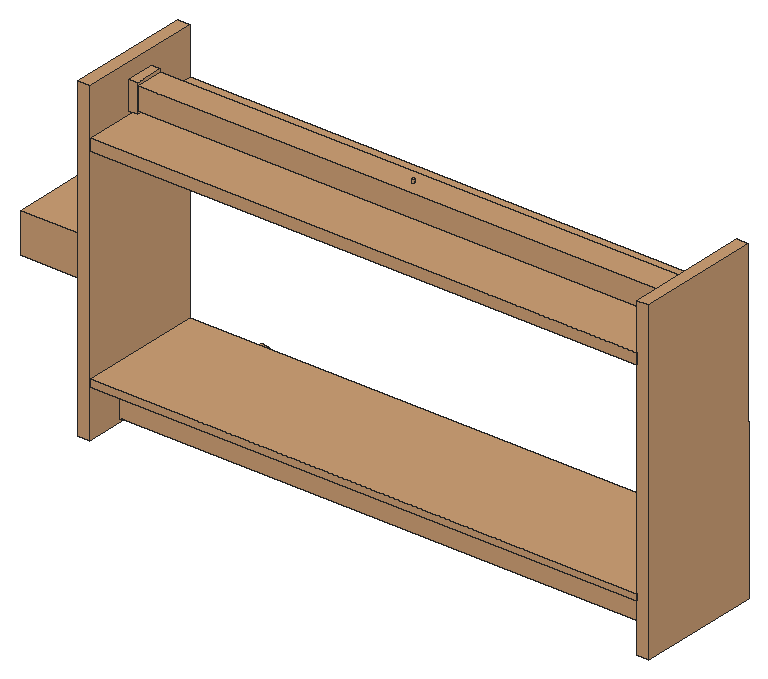
Revit family
Parameters
  Center of Unit = 0' - 0"  # constant formula
  Total Heating Capacity [instance] = 0.0 Btu/h
  Series = "VIFB"
  Outlet Area = 24.10 SF
  Lower Frame Thickness = if(Headers Height = 0' 3", 0' 1 1/4", if(Headers Height = 0' 3 1/4", 0' 1 1/4", 0' 0"))  # 0' - 1 1/4"
  Water Pressure Drop [instance] = 0.00 psi
  Water Flow [instance] = 0 GPM
  Unit Weight (lbs) = 995
  URL = "http://www.ljwing.com/"
  Water Outlet Radius = 0' - 1 1/2"
  Headers Height = if(M = 0' 1", 0' 3", if(M = 0' 1 1/2", 0' 3 1/4", 0' 0"))  # 0' - 3 1/4"
  Number of Rows = 2  # constant formula
  Number of Coils [instance] = 0
  Nominal Length = 8' - 4 1/2"
  N = 1' - 0 3/4"
  Model = "VB-9W"
  Manufacturer = "LJ Wing"
  M = 0' - 1 1/2"
  Leaving Water Temperature [instance] = 0 °F
  Leaving Air Temperature [instance] = 0 °F
  Entering Water Temperature [instance] = 0 °F
  Entering Air Temperature [instance] = 0 °F
  Description = "Vertical Integral Face & Bypass Water Heating Coils"
  Hot Water Inlet  Radius = 0' - 1 1/2"
  Coil Face Area = Outlet Area * 0.56  # 13.496 SF
  Casing Material = ""
  Assembly Code = "D3020300"
  Air Vent Radius = 0' - 0 1/4"
  Air Pressure Drop [instance] = 0.00 in-wg
  Air Inlet Width = Nominal Length - 0' 4"  # 8' - 0 1/2"
  Air Inlet Height = Y  # 3' - 0"
  Air Flow [instance] = 0 CFM
  Y = 3' - 0"
  S = 0' - 9 3/4"  # constant formula
  Product URL = "http://www.ljwing.com/html/vifb.asp"
  OmniClass = "23-75 70 21 14"
  Nominal Height = 4' - 8"
  Nominal Depth = 1' - 10"
  R = 0' - 10 1/4"  # constant formula
  Q = 0' - 5 1/4"
Reference planes (in)
  plane 1 "Center (Front/Back)": y = 0
  plane 2: z = -18
  plane 3 "Center (Left/Right)": x = 0
  plane 4: z = 28.25
  plane 5: x = -50.25
  plane 6: x = 50.25
  plane 7: z = -27.75
  plane 8: z = 0
  plane 9: y = -11
  plane 10: y = 11
  plane 11: z = 18
  plane 12: z = 20
  plane 13: z = -19.25
  plane 14: x = 48.25
  plane 15: x = -48.25
  plane 16: x = -45
  plane 17: x = 45
  plane 18: y = 14.0625
  plane 19: x = -61.25
  plane 20: z = 25.125
  plane 21: z = 21.125
  plane 22: y = -2.5
  plane 23: y = 2.5
  plane 24: y = -4.5
  plane 25: z = -25.375
  plane 26: x = -37.5
  plane 27: x = 37.5
  plane 28: z = -21.375
Forms (in)
  Extrusion 1, solid, material "Painted Finish"
    sketch origin (0, 6, -9.75) x (1, 0, 0) y (0, 0, 1)
      loop
        line (-50.25, -18) -> (-48.25, -18) -> (-48.25, 38) -> (-50.25, 38) -> (-50.25, -18)
      loop
        line (50.25, -18) -> (50.25, 38) -> (48.25, 38) -> (48.25, -18) -> (50.25, -18)
    from -5 to 17
  Extrusion 2, solid, material "Painted Finish"
    sketch origin (0, 6, 0) x (1, 0, 0) y (0, 0, 1)
      loop
        line (48.25, -18) -> (-48.25, -18) -> (-48.25, -19.25) -> (48.25, -19.25) -> (48.25, -18)
      loop
        line (48.25, 18) -> (48.25, 20) -> (-48.25, 20) -> (-48.25, 18) -> (48.25, 18)
    from -5 to 17
  Extrusion 3, solid, material "Painted Finish"
    sketch origin (0, 10, -0.5) x (1, 0, 0) y (0, 0, 1)
      loop
        line (-50.25, 4) -> (-61.25, 4) -> (-61.25, -3) -> (-50.25, -3) -> (-50.25, 4)
    from 0 to 20
  Extrusion 4, solid, material "Painted Finish"
    sketch origin (0, 6, 0) x (1, 0, 0) y (0, 0, 1)
      loop
        line (-46.625, 25.125) -> (-46.625, 21.125) -> (46.625, 21.125) -> (46.625, 25.125) -> (-46.625, 25.125)
    from 3.5 to 8.5
  Extrusion 5, solid, material "Painted Finish"
    sketch origin (0, 0, 0) x (1, 0, 0) y (0, 0, 1)
      loop
        line (-46.625, 20.625) -> (-46.625, 25.625) -> (-48.25, 25.625) -> (-48.25, 20.625) -> (-46.625, 20.625)
      loop
        line (48.25, 20.625) -> (48.25, 25.625) -> (46.625, 25.625) -> (46.625, 20.625) -> (48.25, 20.625)
    from -2.5 to 2.5
  Extrusion 6, solid, material "Painted Finish"
    sketch origin (0, 6, 0) x (1, 0, 0) y (0, 0, 1)
      loop
        line (-47.75, -19.75) -> (-47.75, -19.5) -> (-48.25, -19.5) -> (-48.25, -23.25) -> (-47.75, -23.25) -> (-47.75, -23) -> (47.75, -23) -> (47.75, -23.25) -> (48.25, -23.25) -> (48.25, -19.5) -> (47.75, -19.5) -> (47.75, -19.75) -> (-47.75, -19.75)
      loop
        line (47.75, -27) -> (47.75, -27.125) -> (48.25, -27.125) -> (48.25, -23.5) -> (47.75, -23.5) -> (47.75, -23.75) -> (-47.75, -23.75) -> (-47.75, -23.5) -> (-48.25, -23.5) -> (-48.25, -27.25) -> (-47.75, -27.25) -> (-47.75, -27) -> (47.75, -27)
    from -5 to 10.5
  Extrusion 7, void
    sketch origin (0, 0, 0) x (1, 0, 0) y (0, 0, 1)
      loop
        line (-48.25, 18) -> (-48.25, -18) -> (48.25, -18) -> (48.25, 18) -> (-48.25, 18)
    from -11 to 11
  Extrusion 8, solid, material "Painted Finish"
    sketch origin (0, 0, 0) x (1, 0, 0) y (0, 0, 1)
      loop
        circle (37.5, -25.375) r 1.5
      loop
        circle (-37.5, -21.375) r 1.5
    from -14.0625 to -11
  Extrusion 9, solid, material "Painted Finish"
    sketch origin (0, 0, 0) x (1, 0, 0) y (0, 1, 0)
      loop
        circle (0, 0) r 0.25
    from 25.125 to 25.625
Cuts and joins
  Extrusion 7 cuts Extrusion 1
  Extrusion 7 cuts Extrusion 2
Dimensions and locks (in)
  "Nominal Length": plane 6 to plane 5
  equal spacing: plane 6, plane 3 "Center (Left/Right)", plane 5
  "S": plane 2 to plane 7
  "Nominal Depth": plane 10 to plane 9
  equal spacing: plane 10, plane 1 "Center (Front/Back)", plane 9
  "Y": plane 11 to plane 2
  "R": plane 4 to plane 11
  locked: plane 12 to plane 11 at 2
  "Lower Frame Thickness": plane 2 to plane 13
  "Q": plane 16 to plane 5
  "Q": plane 6 to plane 17
  locked: plane 18 to plane 10 at 3.0625
  locked: plane 5 to plane 19 at 11
  locked: Extrusion 3 sketch curve to Extrusion 3 sketch curve at 7
  locked: Extrusion 3 to Extrusion 3 at 20
  locked: plane 6 to plane 14 at 2
  locked: plane 15 to plane 5 at 2
  locked: Extrusion 5 sketch curve to plane 20 at 0.5
  locked: plane 21 to Extrusion 5 sketch curve at 0.5
  locked: plane 20 to plane 21 at 4
  locked: plane 23 to plane 22 at 5
  equal spacing: plane 23, plane 1 "Center (Front/Back)", plane 22
  locked: plane 22 to plane 24 at 2
  plane 4 to plane 7 = 4' - 8"
  locked: Extrusion 5 sketch curve to Extrusion 1 at 1.625
  locked: Extrusion 5 sketch curve to Extrusion 5 sketch curve at 1.625
  locked: Extrusion 7 sketch curve to plane 11 at 0
  locked: Extrusion 7 sketch curve to plane 15 at 0
  locked: Extrusion 7 sketch curve to plane 14 at 0
  locked: plane 15 to Extrusion 6 sketch curve at 0.5
  locked: Extrusion 6 sketch curve to Extrusion 6 sketch curve at 0.25  (x2)
  locked: plane 25 to plane 7 at 2.375
  "N": plane 26 to plane 5
  "N": plane 6 to plane 27
  locked: plane 28 to plane 7 at 6.375
  "Headers Height": Extrusion 6 sketch curve to Extrusion 6 sketch curve  (x2)
  locked: Extrusion 8 sketch curve to plane 25 at 0
  locked: Extrusion 8 sketch curve to plane 28 at 0
  locked: Extrusion 9 sketch curve to plane 1 "Center (Front/Back)" at 0
  locked: Extrusion 9 sketch curve to plane 3 "Center (Left/Right)" at 0
  equal spacing: Extrusion 6 sketch curve, plane 28, Extrusion 6 sketch curve
  equal spacing: Extrusion 6 sketch curve, plane 25, Extrusion 6 sketch curve
  locked: plane 4 to plane 20 at 3.125
  locked: Extrusion 7 sketch curve to plane 2 at 0
  equal spacing: plane 11, plane 8, plane 2
  locked: Extrusion 8 sketch curve to plane 27 at 0
  locked: Extrusion 8 sketch curve to plane 26 at 0
  "M": radius of Extrusion 8 sketch curve  (x2)
  "Air Vent Radius": radius of Extrusion 9 sketch curve
  aligned and locked: Extrusion 1 to plane 9
  aligned and locked: Extrusion 1 to plane 10
  aligned and locked: plane 15 to Extrusion 1
  aligned and locked: Extrusion 1 to plane 14
  aligned and locked: plane 9 to Extrusion 2
  aligned and locked: plane 9 to Extrusion 1
  aligned and locked: plane 10 to Extrusion 1  (x2)
  aligned and locked: Extrusion 2 to plane 10
  aligned and locked: plane 10 to Extrusion 2  (x2)
  aligned and locked: Extrusion 2 to plane 9  (x2)
  aligned and locked: plane 5 to Extrusion 3
  aligned and locked: Extrusion 5 sketch curve to plane 15
  aligned and locked: Extrusion 5 sketch curve to Extrusion 4
  aligned and locked: Extrusion 1 to Extrusion 6
  aligned and locked: plane 22 to Extrusion 5
  aligned and locked: Extrusion 5 to Extrusion 4  (x2)
  aligned and locked: Extrusion 5 to plane 23
  aligned and locked: Extrusion 6 to plane 24
  aligned and locked: Extrusion 4 to Extrusion 5  (x2)
  aligned and locked: Extrusion 5 to Extrusion 1  (x2)
  aligned and locked: Extrusion 1 to Extrusion 7  (x2)
  aligned and locked: Extrusion 8 to plane 18
  aligned and locked: Extrusion 8 to plane 10
  aligned and locked: plane 20 to Extrusion 9
  aligned and locked: Extrusion 9 to Extrusion 5
  aligned and locked: plane 2 to cut or joined group of Extrusion 2, Extrusion 7
  aligned and locked: plane 6 to Extrusion 1 sketch curve
  aligned and locked: plane 14 to Extrusion 1 sketch curve
  aligned and locked: Extrusion 1 sketch curve to plane 15
  aligned and locked: Extrusion 1 sketch curve to plane 5
  aligned and locked: Extrusion 1 sketch curve to plane 4  (x2)
  aligned and locked: plane 7 to Extrusion 1 sketch curve  (x2)
  aligned and locked: Extrusion 2 sketch curve to plane 11
  aligned and locked: Extrusion 2 sketch curve to plane 12
  aligned and locked: plane 2 to Extrusion 2 sketch curve
  aligned and locked: Extrusion 2 sketch curve to plane 13
  aligned and locked: Extrusion 2 sketch curve to plane 14  (x2)
  aligned and locked: Extrusion 2 sketch curve to plane 15  (x2)
  aligned and locked: plane 20 to Extrusion 4 sketch curve
  aligned and locked: Extrusion 4 sketch curve to plane 21
  aligned and locked: Extrusion 6 sketch curve to plane 14  (x2)
  aligned and locked: plane 15 to Extrusion 6 sketch curve  (x2)
Automatic sketch dimensions
  Extrusion 3 sketch curve to plane 19 = 0' - 0"
  Extrusion 3 sketch curve to plane 5 = 0' - 0"
  plane 8 to Extrusion 3 sketch curve = 0' - 3 1/2"
  Extrusion 4 sketch curve to plane 16 = 0' - 1 5/8"
  plane 17 to Extrusion 4 sketch curve = 0' - 1 5/8"
  plane 21 to Extrusion 5 sketch curve = 0' - 0 1/2"
  Extrusion 5 sketch curve to plane 20 = 0' - 0 1/2"
  plane 15 to Extrusion 6 sketch curve = 0' - 0 1/2"  (x2)
  Extrusion 6 sketch curve to Extrusion 6 sketch curve = 0' - 0 1/4"  (x5)
  Extrusion 6 sketch curve to Extrusion 6 sketch curve = 0' - 0"  (x2)
  Extrusion 6 sketch curve to plane 14 = 0' - 0 1/2"  (x2)
  Extrusion 6 sketch curve to Extrusion 6 sketch curve = 0' - 0 1/2"
  Extrusion 6 sketch curve to plane 7 = 0' - 0 5/8"
Connectors (in)
  hvac at (0, -11, 0), driven by "Air Inlet Height", driven by "Air Inlet Width", driven by "Air Flow", driven by "Air Pressure Drop"
    settings: on Extrusion 7, index 1
  hvac at (0, 11, 0), driven by "Air Pressure Drop", driven by "Air Inlet Height", driven by "Air Inlet Width", driven by "Air Flow"
    settings: on Extrusion 7, index 2
  piping at (-37.5, 14.0625, -21.375), driven by "M", driven by "Water Flow", driven by "Water Pressure Drop"
    settings: on Extrusion 8, index 4
  piping at (37.5, 14.0625, -25.375), driven by "Water Pressure Drop", driven by "Water Flow", driven by "M"
    settings: on Extrusion 8, index 5
